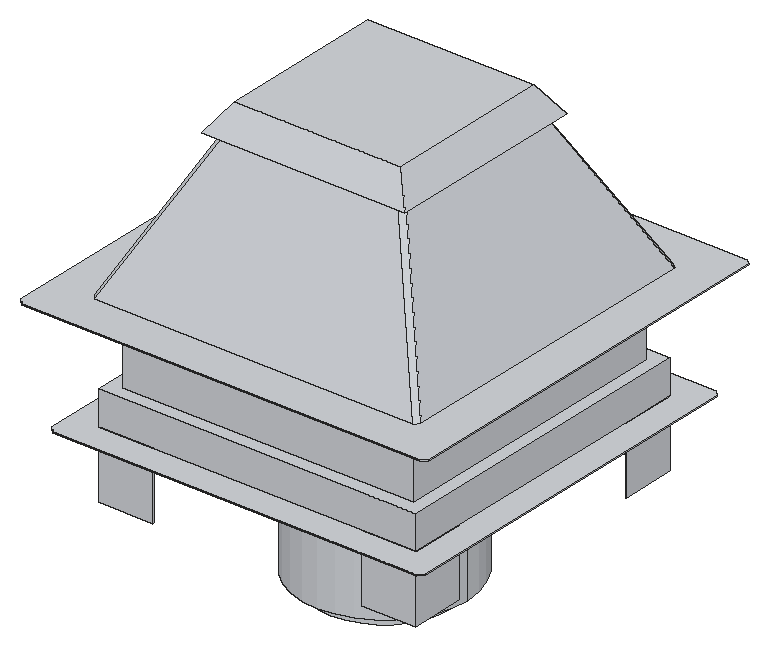
Revit family "SBFPV-W03-10", category Generic Models, host Face, Revit 2019
Family settings
  Host = Face
  Can host rebar = No
  Round Connector Dimension = Use Diameter
  Part Type = Normal
  Cut with Voids When Loaded = No
  Shared = No
  Room Calculation Point = No
Parameters
  Default Elevation = 48.00"
Reference planes (in)
  plane 1 "Center (Front/Back)": y = 0
  plane 2: z = 0
  plane 3 "Center (Left/Right)": x = 0
  plane 4: x = -12.07136
  plane 5: x = 12.07136
  plane 6: y = 12.07136
  plane 7: y = -12.07136
Forms (in)
  Extrusion 1, solid
    sketch origin (-10.5, 0, 32.0625) x (1, 0, 0) y (0, 1, 0)
      loop
        line (-1.25, -11.75) -> (22.25, -11.75) -> (22.25, 11.75) -> (-1.25, 11.75) -> (-1.25, -11.75)
    from -32.0025 to -29.5025
  SweptBlend 2, solid
    path origin (0, 0, -9.05) x (1, 0, 0) y (0, 0, 1)
      loop
        line (0, 17.7325) -> (0, 28.237)
    profile origin (0, 0, 8.6825) x (-1, 0, 0) y (0, -1, 0)
      loop
        line (12.07136, -11.7968) -> (12.07136, 11.71591) -> (11.7968, 12.07136) -> (-11.7968, 12.07136) -> (-12.07136, 11.71591) -> (-12.07136, -11.7968) -> (-11.71591, -12.07136) -> (11.71591, -12.07136) -> (12.07136, -11.7968)
    end profile origin (0, 0, 19.187) x (-1, 0, 0) y (0, -1, 0)
      loop
        line (6.72, -6.44544) -> (6.72, 6.44544) -> (6.36455, 6.72) -> (-6.36455, 6.72) -> (-6.72, 6.44544) -> (-6.72, -6.44544) -> (-6.36455, -6.72) -> (6.36455, -6.72) -> (6.72, -6.44544)
  SweptBlend 3, solid
    path origin (0, 0, -9.05) x (1, 0, 0) y (0, 0, 1)
      loop
        line (0, 28.237) -> (0, 30.237)
    profile origin (0, 0, 19.187) x (-1, 0, 0) y (0, -1, 0)
      loop
        line (7.5, -7.5) -> (7.5, 7.5) -> (-7.5, 7.5) -> (-7.5, -7.5) -> (7.5, -7.5)
    end profile origin (0, 0, 21.187) x (-1, 0, 0) y (0, -1, 0)
      loop
        line (6.15, -6.15) -> (6.15, 6.15) -> (-6.15, 6.15) -> (-6.15, -6.15) -> (6.15, -6.15)
  Extrusion 4, solid
    sketch origin (-10.5, 0, 34.0625) x (1, 0, 0) y (0, 1, 0)
      loop
        line (-0.25, -10.75) -> (21.25, -10.75) -> (21.25, 10.75) -> (-0.25, 10.75) -> (-0.25, -10.75)
    from -31.5025 to -25.44
  Extrusion 5, solid
    sketch origin (-10.5, 0, 40.125) x (1, 0, 0) y (0, 1, 0)
      loop
        line (-4.65625, -14.78125) -> (-4.28125, -15.15625) -> (25.28125, -15.15625) -> (25.65625, -14.78125) -> (25.65625, 14.78125) -> (25.28125, 15.15625) -> (-4.28125, 15.15625) -> (-4.65625, 14.78125) -> (-4.65625, -14.78125)
    from -31.5025 to -31.4425
  Revolve 6, solid
    sketch origin (0, 0, 0) x (1, 0, 0) y (0, 0, 1)
      loop
        line (-7.5925, 0.06) -> (-7.5925, -1.83) -> (-6.15625, -4.26432) -> (-6.15625, -10.33) -> (-4.9375, -10.33) -> (-4.9375, -11.33) -> (0, -11.33) -> (0, 0.06) -> (-7.5925, 0.06)
      axis (0, 0.06) -> (0, -11.33)
    angle from 0 to 360
  Extrusion 7, solid
    sketch origin (-10.5, 0, 31.5025) x (1, 0, 0) y (0, 1, 0)
      loop
        line (-3.375, -13.5) -> (-3, -13.875) -> (24, -13.875) -> (24.375, -13.5) -> (24.375, 13.5) -> (24, 13.875) -> (-3, 13.875) -> (-3.375, 13.5) -> (-3.375, -13.5)
    from -31.5025 to -31.4425
  Extrusion 8, solid
    sketch origin (-10.5, 0, 0.06) x (0, 1, 0) y (1, 0, 0)
      loop
        line (-11.75, 22.25) -> (-11.75, 18.25) -> (-11.69, 18.25) -> (-11.69, 22.19) -> (-7.75, 22.19) -> (-7.75, 22.25) -> (-11.75, 22.25)
    from 0 to 5
  Extrusion 9, solid
    sketch origin (-10.5, 0, 0.06) x (0, 1, 0) y (1, 0, 0)
      loop
        line (11.75, 22.25) -> (7.75, 22.25) -> (7.75, 22.19) -> (11.69, 22.19) -> (11.69, 18.25) -> (11.75, 18.25) -> (11.75, 22.25)
    from 0 to 5
  Extrusion 10, solid
    sketch origin (10.5, 0, 0.06) x (0, -1, 0) y (-1, 0, 0)
      loop
        line (-11.75, 22.25) -> (-11.75, 18.25) -> (-11.69, 18.25) -> (-11.69, 22.19) -> (-7.75, 22.19) -> (-7.75, 22.25) -> (-11.75, 22.25)
    from 0 to 5
  Extrusion 11, solid
    sketch origin (10.5, 0, 0.06) x (0, -1, 0) y (-1, 0, 0)
      loop
        line (11.75, 22.25) -> (7.75, 22.25) -> (7.75, 22.19) -> (11.69, 22.19) -> (11.69, 18.25) -> (11.75, 18.25) -> (11.75, 22.25)
    from 0 to 5
Dimensions and locks (in)
  aligned and locked: plane 2 to host face
  aligned and locked: level to host face
Connectors (in)
  hvac at (0, 0, -11.33)
    settings: on Revolve 6, index 2, duct flow 0 CFM, flow factor 0, pres drop 0.00 in-wg, loss coef 0, conn angle 0.00°, conn width 12", conn height 12", conn diameter 9.88", duct sys type 1, conn prof type 0, flow config 0, flow direction 0, loss method 0, conn ref index -1, conn util no, is conn primary yes, conn desc ""
